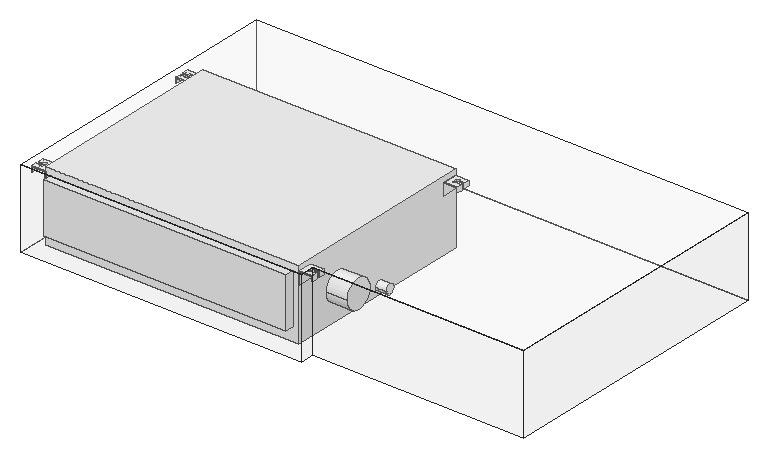
Revit family "pe-rp50_160da17_60Hz", category 機械設備, Revit 2019
Family settings
  丸型コネクタ寸法 = 直径を使用
  パーツ タイプ = 標準
  OmniClass 番号 = 23.75.10.24.21.27.27
  OmniClass タイトル = Split System Air Conditioning Units
  作業面ベース = いいえ
  常に垂直 = はい
  ロード時にボイドで切り取り = いいえ
  共有 = いいえ
  部屋計算ポイント = はい
Parameters (values of type "PE-RP50DA17_60Hz")
  風量（弱）（m3／min） = 12
  風量（中）（m3／min） = 14.5
  風量（m3／min） = 17
  風量 = MAX風量  # 1020.0 m³/h
  音響パワーレベル（弱）(dB) = 51
  音響パワーレベル（中）(dB) = 53
  音響パワーレベル(dB) = 56
  電源種別 = "一般"
  電圧_電気ヒーター = 0 V
  電圧 = 200 V
  電動機出力_送風機 = 0.085 kW
  運転質量 = 0.00 kg
  連動 = ""
  質量 = if(製品質量 > 運転質量, 製品質量, 運転質量) * 1.2  # 32.40 kg
  負荷分類 = 3_ファン類
  説明 = "空冷ヒートホ゜ンフ゜インハ゛ータPAC 天井埋込形"
  設計暖房能力 = 0 kW
  設計冷房能力_顕熱 = 0 kW
  設計冷房能力 = 0 kW
  設置方法 = "天井吊(隠ぺい)形"
  記号 = ""
  製造元 = "三菱電機株式会社"
  製品質量 = 27.00 kg
  製品出荷対象 = "国内"
  製品リリース年月 = "2021/5/10"
  製品グループ = ""
  系統 = ""
  符号 = "PAC-CID"
  積算_科目 = "1 空気調和設備"
  積算_拾い区分 = ""
  相_電気ヒーター = 1
  相 = 1
  盤記号 = ""
  発停方法 = ""
  特殊仕様 = ""
  火災停止 = ""
  消費電力_電気ヒーター = 0 kW
  消費電力_暖房 = 0.12 kW
  消費電力_加湿器 = 0 kW
  消費電力_冷房 = 0.12 kW
  消費電力 = if(消費電力_冷房 > 消費電力_暖房, 消費電力_冷房, 消費電力_暖房) + 消費電力_加湿器 + 消費電力_電気ヒーター  # 0.12 kW
  法定耐用年数 = "15"
  機外静圧 = 50.0 Pa
  製造番号 = ""
  極数 = 3
  材質 = "溶融亜鉛メッキ鋼板"
  本体マテリアル = 鋼、ペイント仕上げ、アイボリー、光沢
  有効加湿量 = 0
  暖房能力 = 5 kW
  推奨ブレーカー容量 = 15 A
  形式_加湿器 = ""
  形式 = "天井吊（隠ぺい）形（両ダクト形）"
  幹線記号 = ""
  始動方式 = "直入"
  呼称 = "パッケージ形空気調和機_室内機"
  周波数 = 60 Hz
  吊り位置Y = 643.00 mm
  吊り位置X = 954.00 mm
  加湿給水管径 = 0 mm
  分類コード = "50053003123080"
  分類グループ = ""
  冷房能力 = 4.5 kW
  冷媒高低圧ガス管径 = 0 mm
  冷媒管径符号 = "Ac"
  冷媒管径 = 100 mm
  冷媒液管径 = 6.35 mm
  冷媒ガス管径 = 12.7 mm
  価格 = 0
  企業コード = "108420"
  付属品_フィルター = ""
  付属品 = ""
  モデル = "PE-RP50DA17"
  ドレン管径 = 32 mm
  サービススペース = yes
  ケーブル種類 = ""
  ケーブルサイズ = 1.6 mm
  Width = 900.00 mm
  Version = ""
  Uniclass2015Version = "Systems v1.9"
  Uniclass2015Title = "Split coil remote air cooled condensing units"
  Uniclass2015Code = "Pr_70_65_03_84"
  URL = "https://www.mitsubishielectric.co.jp/ldg/wink/ssl/displayProduct.do?pid=310213"
  SpecificationReference = ""
  SpecificationDescription = ""
  SAサイズ_W = 860.00 mm
  SAサイズ_D = 178.00 mm
  Revision = ""
  RAサイズ_W = 858.00 mm
  RAサイズ_D = 210.00 mm
  ProductInformation = ""
  OmniClassCode = "23-751024212727"
  MIN風量 = 風量（弱）（m3／min） * 60.0 m³/h  # 720.0 m³/h
  MID風量 = 風量（中）（m3／min） * 60.0 m³/h  # 870.0 m³/h
  MAX風量 = 風量（m3／min） * 60.0 m³/h  # 1020.0 m³/h
  IfcTypeProduct = ""
  IfcProduct = ""
  IfcExportType = "AIRCONDITIONINGUNIT"
  IfcExportAs = "IfcUnitaryEquipmentType"
  Height = 250.00 mm
  Depth = 700.00 mm
  Author = "三菱電機株式会社"
Types (8, lengths in mm): name | 風量（弱）（m3／min） | 風量（中）（m3／min） | 風量（m3／min） | 風量 | 音響パワーレベル（弱）(dB) | 音響パワーレベル（中）(dB) | 音響パワーレベル(dB) | 電動機出力_送風機 | 質量 | 製品質量 | 消費電力_暖房 | 消費電力_冷房 | 消費電力 | 暖房能力 | 吊り位置X | 冷房能力 | 冷媒管径符号 | 冷媒液管径 | 冷媒ガス管径 | モデル | Width | URL | SAサイズ_W | RAサイズ_W | MIN風量 | MID風量 | MAX風量
  PE-RP50DA17_60Hz | 12 | 14.5 | 17 | 1020.0 m³/h | 51 | 53 | 56 | 0.085 kW | 32.40 kg | 27.00 kg | 0.12 kW | 0.12 kW | 0.12 kW | 5 kW | 954.00 | 4.5 kW | "Ac" | 6.35 | 12.7 | "PE-RP50DA17" | 900.00 | "https://www.mitsubishielectric.co.jp/ldg/wink/ssl/displayProduct.do?pid=310213" | 860.00 | 858.00 | 720.0 m³/h | 870.0 m³/h | 1020.0 m³/h
  PE-RP56DA17_60Hz | 12 | 14.5 | 17 | 1020.0 m³/h | 53 | 54 | 57 | 0.121 kW | 32.40 kg | 27.00 kg | 0.12 kW | 0.12 kW | 0.12 kW | 6.3 kW | 1154.00 | 5.6 kW | "Ac" | 6.35 | 12.7 | "PE-RP56DA17" | 1100.00 | "https://www.mitsubishielectric.co.jp/ldg/wink/ssl/displayProduct.do?pid=310214" | 1060.00 | 1058.00 | 720.0 m³/h | 870.0 m³/h | 1020.0 m³/h
  PE-RP63DA17_60Hz | 14.5 | 18 | 21 | 1260.0 m³/h | 55 | 56 | 59 | 0.121 kW | 34.80 kg | 29.00 kg | 0.16 kW | 0.16 kW | 0.16 kW | 8 kW | 1154.00 | 7.1 kW | "Bd" | 9.5 | 15.9 | "PE-RP63DA17" | 1100.00 | "https://www.mitsubishielectric.co.jp/ldg/wink/ssl/displayProduct.do?pid=310215" | 1060.00 | 1058.00 | 870.0 m³/h | 1080.0 m³/h | 1260.0 m³/h
  PE-RP71DA17_60Hz | 14.5 | 18 | 21 | 1260.0 m³/h | 60 | 61 | 63 | 0.244 kW | 34.80 kg | 29.00 kg | 0.22 kW | 0.22 kW | 0.22 kW | 14 kW | 1454.00 | 12.5 kW | "Bd" | 9.5 | 15.9 | "PE-RP71DA17" | 1400.00 | "https://www.mitsubishielectric.co.jp/ldg/wink/ssl/displayProduct.do?pid=310216" | 1360.00 | 1358.00 | 870.0 m³/h | 1080.0 m³/h | 1260.0 m³/h
  PE-RP80DA17_60Hz | 17.5 | 21 | 25 | 1500.0 m³/h | 55 | 56 | 59 | 0.121 kW | 34.80 kg | 29.00 kg | 0.22 kW | 0.22 kW | 0.22 kW | 8 kW | 1154.00 | 7.1 kW | "Bd" | 9.5 | 15.88 | "PE-RP80DA17" | 1100.00 | "https://www.mitsubishielectric.co.jp/ldg/wink/ssl/displayProduct.do?pid=310217" | 1060.00 | 1058.00 | 1050.0 m³/h | 1260.0 m³/h | 1500.0 m³/h
  PE-RP112DA17_60Hz | 24 | 29 | 34 | 2040.0 m³/h | 58 | 60 | 62 | 0.244 kW | 45.60 kg | 38.00 kg | 0.22 kW | 0.22 kW | 0.22 kW | 11.2 kW | 1454.00 | 10 kW | "Bd" | 9.5 | 15.88 | "PE-RP112DA17" | 1400.00 | "https://www.mitsubishielectric.co.jp/ldg/wink/ssl/displayProduct.do?pid=310218" | 1360.00 | 1358.00 | 1440.0 m³/h | 1740.0 m³/h | 2040.0 m³/h
  PE-RP140DA17_60Hz | 24 | 29 | 34 | 2040.0 m³/h | 60 | 61 | 63 | 0.244 kW | 45.60 kg | 38.00 kg | 0.22 kW | 0.22 kW | 0.22 kW | 14 kW | 1454.00 | 12.5 kW | "Bd" | 9.5 | 15.88 | "PE-RP140DA17" | 1400.00 | "https://www.mitsubishielectric.co.jp/ldg/wink/ssl/displayProduct.do?pid=310219" | 1360.00 | 1358.00 | 1440.0 m³/h | 1740.0 m³/h | 2040.0 m³/h
  PE-RP160DA17_60Hz | 24 | 29 | 34 | 2040.0 m³/h | 61 | 62 | 63 | 0.244 kW | 45.60 kg | 38.00 kg | 0.22 kW | 0.22 kW | 0.22 kW | 16 kW | 1454.00 | 14 kW | "Bd" | 9.5 | 15.88 | "PE-RP160DA17" | 1400.00 | "https://www.mitsubishielectric.co.jp/ldg/wink/ssl/displayProduct.do?pid=310220" | 1360.00 | 1358.00 | 1440.0 m³/h | 1740.0 m³/h | 2040.0 m³/h
Reference planes
  plane 1 "中心(正面/背面)": y = 0
  plane 2: z = 0
  plane 3 "中心(左/右)": x = 0
  plane 4: x = -450
  plane 5: x = 450
  plane 6: y = 350
  plane 7 "サービススペース_3": y = -350
  plane 8 "吹き出しダクトW_2": x = 430
  plane 9 "吹き出しダクトW_1": x = -430
  plane 10 "吹き出しダクトH_1": z = -23
  plane 11 "吹き出しダクトH_2": z = -201
  plane 12 "吸込み口W_2": x = 429
  plane 13 "吸込み口W_1": x = -429
  plane 14 "吸込み口H_1": z = -18
  plane 15 "吸込み口H_2": z = -228
  plane 16: z = -250
  plane 17 "吊り金具Y": z = -15
  plane 18: y = -214
  plane 19: y = -147
  plane 20: y = -112
  plane 21: y = 6
  plane 22: z = -41
  plane 23: z = -122
  plane 24: z = -155
  plane 25: z = -217
  plane 26 "吊り位置X_2": x = 477
  plane 27 "吊り位置X_1": x = -477
  plane 28 "最外形X_2": x = 500
  plane 29 "最外形X_1": x = -500
  plane 30: z = -137
  plane 31: y = -180.5
  plane 32: y = -382
  plane 33 "吊り位置Y_2": y = -325
  plane 34 "吊り位置Y_1": y = 318
  plane 35 "SS_D_1": y = -400
  plane 36 "サービススペース_1": x = 1250
  plane 37 "SS_D_2": y = 377
  plane 38 "SS_H_1": z = 10
  plane 39 "SS_H_2": z = -270
  plane 40: y = 125
  plane 41 "サービススペース_2": y = 650
Forms (mm)
  Extrusion 1, solid, detail levels fine
    sketch origin (0, 0, 0) x (1, 0, 0) y (0, 1, 0)
      loop
        line (-450, 350) -> (-450, -350) -> (450, -350) -> (450, 350) -> (-450, 350)
    from -250 to 0
  Extrusion 2, solid, detail levels fine
    sketch origin (0, 0, 0) x (1, 0, 0) y (0, 0, 1)
      loop
        line (-430, -23) -> (-430, -201) -> (430, -201) -> (430, -23) -> (-430, -23)
    from 350 to 382
  Extrusion 3, solid, detail levels fine
    sketch origin (0, 0, 0) x (1, 0, 0) y (0, 0, 1)
      loop
        line (429, -18) -> (-429, -18) -> (-429, -228) -> (429, -228) -> (429, -18)
    from -350 to -340
  Extrusion 4, solid, detail levels fine
    sketch origin (0, 0, 0) x (0, 1, 0) y (0, 0, 1)
      loop
        circle (-180.5, -137) r 50
    from 450 to 528
  Extrusion 5, solid, detail levels fine
    sketch origin (0, 0, 0) x (0, 1, 0) y (0, 0, 1)
      loop
        circle (6, -217) r 16
    from 450 to 490
Dimensions and locks
  "SAサイズ_W": plane 9 "吹き出しダクトW_1" to plane 8 "吹き出しダクトW_2"
  "Width": plane 4 to plane 5
  "Depth": plane 7 "サービススペース_3" to plane 6
  "Height": level to plane 16
  locked: plane 8 "吹き出しダクトW_2" to plane 5 at 20
  "RAサイズ_W": plane 13 "吸込み口W_1" to plane 12 "吸込み口W_2"
  locked: plane 12 "吸込み口W_2" to plane 5 at 21
  equal spacing: plane 4, plane 3 "中心(左/右)", plane 5
  locked: Extrusion 4 to Extrusion 4 at 78
  locked: Extrusion 5 to Extrusion 5 at 40
  plane 29 "最外形X_1" to plane 28 "最外形X_2" = 1000.00 mm
  equal spacing: plane 29 "最外形X_1", plane 3 "中心(左/右)", plane 28 "最外形X_2"
  "吊り位置X": plane 27 "吊り位置X_1" to plane 26 "吊り位置X_2"
  equal spacing: plane 27 "吊り位置X_1", plane 3 "中心(左/右)", plane 26 "吊り位置X_2"
  locked: plane 26 "吊り位置X_2" to plane 28 "最外形X_2" at 23
  plane 33 "吊り位置Y_2" to plane 32 = 57.00 mm
  locked: plane 5 to plane 36 "サービススペース_1" at 800
  plane 28 "最外形X_2" to plane 36 "サービススペース_1" = 750.00 mm
  "ドレン管径": diameter of Extrusion 5 sketch curve
  "冷媒管径": diameter of Extrusion 4 sketch curve
  aligned and locked: level to plane 2
  aligned and locked: plane 5 to Extrusion 1
  aligned and locked: Extrusion 1 to plane 4
  aligned and locked: plane 8 "吹き出しダクトW_2" to Extrusion 2
  aligned and locked: Extrusion 2 to plane 9 "吹き出しダクトW_1"
  aligned and locked: nested 2 to Extrusion 1
  aligned and locked: nested 1 to Extrusion 1
  aligned and locked: Extrusion 1 to nested 3
  aligned and locked: Extrusion 1 to nested 4
  aligned and locked: Extrusion 4 to plane 5
  aligned and locked: Extrusion 5 to plane 5
  aligned and locked: nested 5 to plane 26 "吊り位置X_2"
  aligned and locked: nested 1 to plane 34 "吊り位置Y_1"
  aligned and locked: plane 27 "吊り位置X_1" to nested 5
  aligned and locked: nested 5 to plane 34 "吊り位置Y_1"
  aligned and locked: plane 26 "吊り位置X_2" to nested 5
  aligned and locked: nested 5 to plane 33 "吊り位置Y_2"
  aligned and locked: nested 6 to plane 36 "サービススペース_1"
  aligned and locked: plane 41 "サービススペース_2" to nested 7
  aligned and locked: plane 35 "SS_D_1" to nested 7
  aligned and locked: plane 36 "サービススペース_1" to nested 7
  aligned and locked: plane 29 "最外形X_1" to nested 7
  aligned and locked: nested 7 to plane 38 "SS_H_1"
  aligned and locked: plane 28 "最外形X_2" to nested 7
Automatic sketch dimensions
  Extrusion 1 sketch curve to plane 4 = 0.00 mm
  Extrusion 1 sketch curve to plane 5 = 0.00 mm
  plane 7 "サービススペース_3" to Extrusion 1 sketch curve = 0.00 mm
  plane 6 to Extrusion 1 sketch curve = 0.00 mm
  Extrusion 2 sketch curve to plane 9 "吹き出しダクトW_1" = 0.00 mm
  Extrusion 2 sketch curve to plane 8 "吹き出しダクトW_2" = 0.00 mm
  Extrusion 2 sketch curve to plane 11 "吹き出しダクトH_2" = 0.00 mm
  Extrusion 2 sketch curve to plane 10 "吹き出しダクトH_1" = 0.00 mm
  plane 13 "吸込み口W_1" to Extrusion 3 sketch curve = 0.00 mm
  Extrusion 3 sketch curve to plane 12 "吸込み口W_2" = 0.00 mm
  Extrusion 3 sketch curve to plane 15 "吸込み口H_2" = 0.00 mm
  Extrusion 3 sketch curve to plane 14 "吸込み口H_1" = 0.00 mm
  plane 30 to Extrusion 4 sketch curve = 0.00 mm
  Extrusion 4 sketch curve to plane 31 = 0.00 mm
  Extrusion 5 sketch curve to plane 21 = 0.00 mm
  plane 25 to Extrusion 5 sketch curve = 0.00 mm
Nested families
  nested 1: "PE-RP-DA_LEG" at (450, 318, -15) x (0, -1, 0) z (0, 0, 1), type "PE-RP-DA_LEG", detail levels fine
  nested 2: "PE-RP-DA_LEG" at (450, -325, -15) x (0, -1, 0) z (0, 0, 1), type "PE-RP-DA_LEG", detail levels fine
  nested 3: "PE-RP-DA_LEG" at (-450, 318, -15) x (0, -1, 0) z (0, 0, 1), type "PE-RP-DA_LEG", detail levels fine
  nested 4: "PE-RP-DA_LEG" at (-450, -325, -15) x (0, -1, 0) z (0, 0, 1), type "PE-RP-DA_LEG", detail levels fine
  nested 5: "固定点" at (-477, -325, 0), type "固定点"
    with W 954.00 mm, D 643.00 mm
  nested 6: "点検口設置範囲" at (1000, 350, -270), type "点検口設置範囲"
    with Width 1000.00 mm, Depth 700.00 mm
  nested 7: "サービススペース" at (1000, 125, -130), type "サービススペース"
    with Width_1 1000.00 mm, Width 1750.00 mm, Height 280.00 mm, Depth 1050.00 mm
Connectors
  piping at (528, -180.5, -137), diameter 100, driven by "冷媒管径符号", driven by "冷媒管径"
    settings: on Extrusion 4, index 1, connector inside diameter 609.6 mm, connector length 0.00 mm, flow factor 0, pipe flow 0.0 L/s, pressure drop 0.0 Pa, fitting loss kfactor 0, connector angle 0.00°, fixture units 0, engagement length 0.00 mm, angle of deflection 0.00°, flow configuration 1, flow direction 1, fitting loss method 4, system type 7, joint type 0, gender type 0, connector reference index -1, connector utility 0, adjustable connector no, is connector primary yes, connector description "Ac"
  piping at (490, 6, -217), diameter 32, driven by "ドレン管径"
    settings: on Extrusion 5, index 2, connector inside diameter 609.6 mm, connector length 0.00 mm, flow factor 0, pipe flow 0.0 L/s, pressure drop 0.0 Pa, fitting loss kfactor 0, connector angle 0.00°, fixture units 0, engagement length 0.00 mm, angle of deflection 0.00°, flow configuration 1, flow direction 2, fitting loss method 4, system type 16, joint type 0, gender type 0, connector reference index -1, connector utility 0, adjustable connector no, is connector primary no, connector description ""
  electrical at (450, 0, -125), driven by "極数", driven by "電圧", driven by "消費電力", driven by "負荷分類"
    settings: on Extrusion 1, index 3, voltage 200 V, apparent load 120 VA, apparent load phase1 0 VA, apparent load phase2 0 VA, apparent load phase3 0 VA, power factor 1, load classification "3_ファン類", number of poles 3, system type 30, power factor state 1, is connector primary yes, connector utility no, sub classification motor no, connector description ""
  hvac at (0, -382, -112), driven by "SAサイズ_D", driven by "SAサイズ_W", driven by "機外静圧", driven by "風量"
    settings: on Extrusion 2, index 4, duct flow 1020.0 m³/h, flow factor 0, pres drop 50.0 Pa, loss coef 0, conn angle 0.00°, conn width 860 mm, conn height 178 mm, conn diameter 609.6 mm, duct sys type 29, conn prof type 1, flow config 0, flow direction 2, loss method 4, conn ref index -1, conn util no, is conn primary yes, conn desc ""
  hvac at (0, 350, -123), driven by "RAサイズ_D", driven by "RAサイズ_W", driven by "機外静圧", driven by "風量"
    settings: on Extrusion 3, index 5, duct flow 1020.0 m³/h, flow factor 0, pres drop 50.0 Pa, loss coef 0, conn angle 0.00°, conn width 858 mm, conn height 210 mm, conn diameter 609.6 mm, duct sys type 29, conn prof type 1, flow config 0, flow direction 1, loss method 4, conn ref index -1, conn util no, is conn primary no, conn desc ""
Definition of nested family "PE-RP-DA_LEG"
  Reference planes
    plane 1 "中心(正面/背面)": y = 0
    plane 2: z = 0
    plane 3 "中心(左/右)": x = 0
    plane 4: x = -6
    plane 5: x = 6
    plane 6: y = 33
    plane 7: y = 21
    plane 8: y = 27
    plane 9: x = 25
    plane 10: x = -25
  Forms (mm)
    Extrusion 1, solid
      sketch origin (0, 0, 0) x (1, 0, 0) y (0, 1, 0)
        loop
          line (-25, 0) -> (25, 0) -> (25, 50) -> (-25, 50) -> (-25, 0)
      from 0 to -44
    Extrusion 2, void
      sketch origin (-25, 20, 0) x (0, 1, 0) y (0, 0, 1)
        loop
          line (30, -44) -> (30, -18) -> (27, -18) -> (27, -3) -> (-17, -3) -> (-17, -44) -> (30, -44)
      from 0 to 50
    Extrusion 3, void
      sketch origin (0, 7, 0) x (1, 0, 0) y (0, 1, 0)
        loop
          line (-6, 14) -> (6, 14)
          arc (6, 14) -> (12, 20) -> (6, 26) r 6
          line (6, 26) -> (6, 43) -> (-6, 43) -> (-6, 26)
          arc (-6, 26) -> (-12, 20) -> (-6, 14) r 6
      from 0 to -45
  Cuts and joins
    Extrusion 2, Extrusion 3 cuts Extrusion 1
  Dimensions and locks
    plane 3 "中心(左/右)" to Extrusion 1 sketch curve = 25.00 mm
    Extrusion 1 sketch curve to Extrusion 1 sketch curve = 50.00 mm  (x2)
    Extrusion 1 to Extrusion 2 sketch curve = 3.00 mm  (x2)
    cut or joined group of Extrusion 1, Extrusion 2, Extrusion 3 to plane 8 = 23.00 mm
    cut or joined group of Extrusion 1, Extrusion 2, Extrusion 3 to plane 1 "中心(正面/背面)" = 50.00 mm
    aligned and locked: level to plane 2
Definition of nested family "サービススペース"
  Parameters (values of type "サービススペース")
    Width_1 [instance] = 450.00 mm
    Width [instance] = 500.00 mm
    Height [instance] = 500.00 mm
    Depth [instance] = 500.00 mm
  Reference planes
    plane 1 "中心(正面/背面)": y = 0
    plane 2: z = 0
    plane 3 "中心(左/右)": x = 0
    plane 4: y = -250
    plane 5: x = 250
    plane 6: y = 250
    plane 7: x = -250
    plane 8: z = 250
    plane 9: z = -250
    plane 10: x = 200
  Forms (mm)
    Extrusion 1, solid
      sketch origin (-638.939, 0, 72.39) x (1, 0, 0) y (0, 1, 0)
        loop
          line (388.939, 250) -> (388.939, -250) -> (838.939, -250) -> (838.939, -200) -> (888.939, -200) -> (888.939, 250) -> (388.939, 250)
      from -322.39 to 177.61
  Lines and regions (mm)
    symbolic lines
      curve 1: line (-250, 0, 250) -> (250, 0, 250)
      curve 2: line (-250, 0, -250) -> (-250, 0, 250)
      curve 3: line (250, 0, -250) -> (-250, 0, -250)
      curve 4: line (250, 0, 250) -> (250, 0, -250)
      curve 5: line (0, -250, 250) -> (0, 250, 250)
      curve 6: line (0, -250, -250) -> (0, -250, 250)
      curve 7: line (0, 250, -250) -> (0, -250, -250)
      curve 8: line (0, 250, 250) -> (0, 250, -250)
      curve 9: line (-250, 250, 0) -> (250, 250, 0)
      curve 10: line (-250, -250, 0) -> (-250, 250, 0)
      curve 11: line (200, -250, 0) -> (-250, -250, 0)
      curve 12: line (250, 250, 0) -> (250, -200, 0)
      curve 13: line (250, -200, 0) -> (200, -200, 0)
      curve 14: line (200, -200, 0) -> (200, -250, 0)
  Dimensions and locks
    equal spacing: plane 4, plane 1 "中心(正面/背面)", plane 6
    "Depth": plane 4 to plane 6
    "Width": plane 7 to plane 5
    equal spacing: plane 8, plane 2, plane 9
    "Height": plane 8 to plane 9
    "Width_1": plane 7 to plane 10
    aligned and locked: plane 9 to curve 3
    aligned and locked: plane 7 to curve 2
    aligned and locked: curve 4 to plane 5
    aligned and locked: plane 5 to Extrusion 1
    aligned and locked: Extrusion 1 to plane 7
    aligned and locked: Extrusion 1 to plane 9
    aligned and locked: plane 8 to Extrusion 1
    aligned and locked: plane 9 to curve 7
    aligned and locked: Extrusion 1 sketch curve to plane 10
  Automatic sketch dimensions
    curve 2 to plane 8 = 0.00 mm
    curve 7 to plane 4 = 0.00 mm
    curve 7 to plane 6 = 0.00 mm
    curve 6 to plane 8 = 0.00 mm
    Extrusion 1 sketch curve to plane 7 = 0.00 mm
    Extrusion 1 sketch curve to plane 5 = 0.00 mm
    plane 4 to Extrusion 1 sketch curve = 0.00 mm
    plane 6 to Extrusion 1 sketch curve = 0.00 mm
    Extrusion 1 sketch curve to plane 4 = 50.00 mm
    curve 11 to plane 7 = 0.00 mm
    curve 13 to plane 10 = 0.00 mm
    plane 4 to curve 14 = 0.00 mm
    plane 6 to curve 12 = 0.00 mm
    curve 13 to plane 4 = 50.00 mm
    curve 13 to plane 5 = 0.00 mm
Definition of nested family "固定点"
  Parameters (values of type "固定点")
    中心円 = 20.00 mm
    W [instance] = 954.00 mm
    D [instance] = 643.00 mm
  Reference planes
    plane 1 "中心(正面/背面)": y = 0
    plane 2: z = 0
    plane 3 "中心(左/右)": x = 0
    plane 4: x = 954
    plane 5: y = 643
  Lines and regions (mm)
    symbolic lines, detail levels fine
      curve 1: circle (0, 643, 0) r 10 normal (0, 0, 1)
      curve 2: circle (0, 0, 0) r 10 normal (0, 0, 1)
      curve 3: circle (954, 643, 0) r 10 normal (0, 0, 1)
      curve 4: circle (954, 0, 0) r 10 normal (0, 0, 1)
      curve 5: line (-200, 643, 0) -> (1154, 643, 0)
      curve 6: line (-200, 0, 0) -> (1154, 0, 0)
      curve 7: line (0, 843, 0) -> (0, -200, 0)
      curve 8: line (954, 843, 0) -> (954, -200, 0)
  Dimensions and locks
    "W": plane 3 "中心(左/右)" to plane 4
    "D": plane 1 "中心(正面/背面)" to plane 5
    "中心円": diameter of curve 1
    "中心円": diameter of curve 2
    "中心円": diameter of curve 3
    "中心円": diameter of curve 4
    aligned and locked: level to plane 2
    aligned and locked: plane 5 to curve 1
    aligned and locked: plane 3 "中心(左/右)" to curve 1
    aligned and locked: plane 3 "中心(左/右)" to curve 2
    aligned and locked: plane 1 "中心(正面/背面)" to curve 2
    aligned and locked: plane 4 to curve 3
    aligned and locked: plane 5 to curve 3
    aligned and locked: plane 1 "中心(正面/背面)" to curve 4
    aligned and locked: plane 4 to curve 4
    aligned and locked: plane 1 "中心(正面/背面)" to curve 6
    aligned and locked: curve 7 to plane 3 "中心(左/右)"
    aligned and locked: curve 8 to plane 4
  Automatic sketch dimensions
    curve 5 to plane 5 = 0.00 mm
    curve 6 to plane 3 "中心(左/右)" = 200.00 mm
    curve 5 to plane 3 "中心(左/右)" = 200.00 mm
    curve 4 to curve 6 = 200.00 mm
    curve 3 to curve 5 = 200.00 mm
    plane 1 "中心(正面/背面)" to curve 8 = 200.00 mm
    plane 1 "中心(正面/背面)" to curve 7 = 200.00 mm
    curve 3 to curve 8 = 200.00 mm
    curve 1 to curve 7 = 200.00 mm
Definition of nested family "点検口設置範囲"
  Parameters (values of type "点検口設置範囲")
    Width [instance] = 1000.00 mm
    Depth [instance] = 700.00 mm
  Reference planes
    plane 1 "中心(正面/背面)": y = 0
    plane 2: z = 0
    plane 3 "中心(左/右)": x = 0
    plane 4: x = -250
    plane 5: x = 250
    plane 6: y = 225
    plane 7: y = -225
  Lines and regions (mm)
    model lines
      curve 1: line (-250, 225, 0) -> (250, 225, 0)
      curve 2: line (-250, -225, 0) -> (-250, 225, 0)
      curve 3: line (250, -225, 0) -> (-250, -225, 0)
      curve 4: line (250, 225, 0) -> (250, -225, 0)
  Dimensions and locks
    plane 4 to plane 5 = 500.00 mm
    equal spacing: plane 4, plane 3 "中心(左/右)", plane 5
    equal spacing: plane 7, plane 1 "中心(正面/背面)", plane 6
    plane 7 to plane 6 = 450.00 mm
    aligned and locked: level to plane 2
    aligned and locked: curve 3 to plane 7
    aligned and locked: curve 4 to plane 5
    aligned and locked: plane 4 to curve 2
    aligned and locked: plane 6 to curve 1
